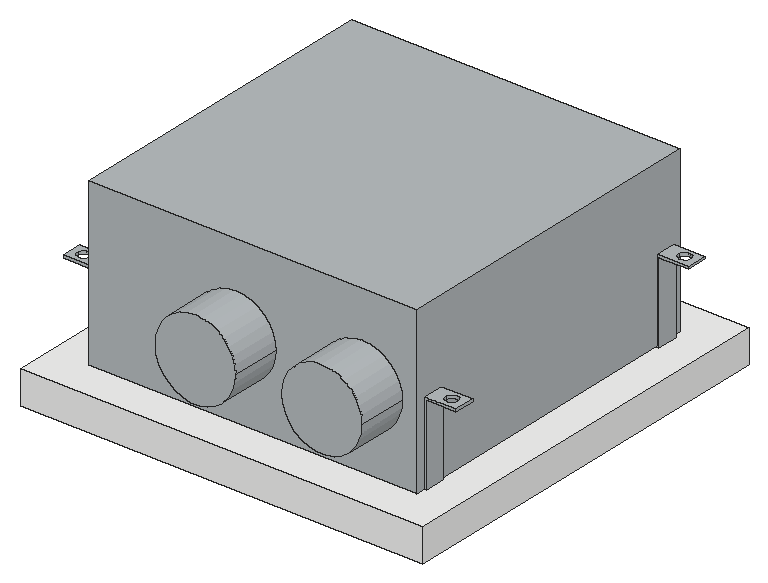
Revit family "v-122bz5_50Hz", category 機械設備, Revit 2019
Family settings
  丸型コネクタ寸法 = 直径を使用
  パーツ タイプ = 標準
  OmniClass 番号 = 23.75.35.17.27
  OmniClass タイトル = Centrifugal Fans
  作業面ベース = いいえ
  常に垂直 = はい
  ロード時にボイドで切り取り = いいえ
  共有 = いいえ
  部屋計算ポイント = はい
Parameters (values of type "V-122BZ5")
  騒音レベル(dB(A)) [instance] = 41
  風量 [instance] = 200.0 m³/h
  電源種別 [instance] = ""
  電圧 = 100 V
  電動機出力 = 0 W
  電動機_種別 [instance] = ""
  運転質量 = 0.00 kg
  連動 [instance] = ""
  質量 = if(製品質量 > 運転質量, 製品質量, 運転質量) * 1.2  # 12.00 kg
  負荷分類 = 3_ファン類
  説明 = "バス乾燥・暖房・換気システム 従来タイプ取替専用"
  設計風量 [instance] = 0.0 m³/h
  設置方法 = "カセット形"
  記号 [instance] = ""
  製造元 = "三菱電機株式会社"
  製品質量 = 10.00 kg
  製品出荷対象 = "国内"
  製品リリース年月 = "2022年6月1日"
  製品グループ = ""
  系統 [instance] = ""
  符号 [instance] = if(☑給気／□排気, "FS", "FE")  # "FE"
  積算_科目 = "2 換気設備"
  積算_拾い区分 [instance] = ""
  相 = 1
  盤記号 [instance] = ""
  発停方法 [instance] = ""
  特殊仕様 [instance] = ""
  点検口離隔 = 150 mm
  点検口_Depth = 450 mm
  点検口 = yes
  火災停止 [instance] = ""
  消費電力 = 1225 W
  法定耐用年数 = "10"
  機外静圧 [instance] = 0.0 Pa
  極数 = 2
  材質 [instance] = ""
  操作・制御方式 = ""
  操作・制御スイッチ = ""
  排気量 [instance] = if(☑給気／□排気, 0.0 m³/h, 設計風量)  # 0.0 m³/h
  形式 = ""
  幹線記号 [instance] = ""
  対象室 [instance] = ""
  実風量 [instance] = 0.0 m³/h
  始動方式 [instance] = "直入"
  天吊金具ピッチ2 = 354 mm
  天吊金具ピッチ1 = 448 mm
  天吊金具_高さ = 98 mm
  天吊金具_径 = 15 mm
  外気量 [instance] = if(☑給気／□排気, 設計風量, 0.0 m³/h)  # 0.0 m³/h
  呼称 = "天井扇"
  周波数 = 50 Hz
  参照している仕様書等のバージョン = ""
  分類コード = "50052503100080"
  分類グループ = ""
  価格 = 124600
  企業コード = "108420"
  付属品_防振装置 = ""
  付属品 [instance] = ""
  仕様書バージョン = "Version1.0"
  モデル = "V-122BZ5"
  マテリアル = 亜鉛メッキ鋼板
  ファンの種類 = ""
  ダクト径 = 100 mm
  コメント [instance] = ""
  Keynote = ""
  カバーマテリアル = 合成樹脂(白)
  ☑給気／□排気 [instance] = no
  Width = 400 mm
  W1 = 490 mm
  Version = ""
  Uniclass2015Version = "Systems v1.9"
  Uniclass2015Title = "Centrifugal fans"
  Uniclass2015Code = "Pr_65_67_29_12"
  URL = "https://www.mitsubishielectric.co.jp/ldg/wink/ssl/displayProduct.do?pid=320624"
  SpecificationReference = ""
  SpecificationDescription = ""
  Revision = ""
  RAダクト接続口_A = yes
  RAダクト接続口_B = no
  RAダクト接続口_C = no
  RAサイズ_D = 97.5 mm
  ProductInformation = ""
  OmniClassCode = "23-33 31 19 11 15"
  MIN風量 = 120.0 m³/h
  MIN静圧 = 0.0 Pa
  MID風量 = 0.0 m³/h
  MID静圧 = 0.0 Pa
  MAX風量 = 200.0 m³/h
  MAX静圧 = 0.0 Pa
  IfcTypeProduct = ""
  IfcProduct = ""
  IfcExportType = "PROPELLORAXIAL"
  IfcExportAs = "IfcFanType"
  Height = 200 mm
  H1 = 40 mm
  EAサイズ_D = 97.5 mm
  Duct_RA_W3 = 21 mm
  Duct_RA_W2 = 75.5 mm
  Duct_H = 95 mm
  Duct_RA_W1 = 21 mm
  Duct_EA_W = 133 mm
  Duct_Depth = 61 mm
  Depth = 400 mm
  D1 = 495 mm
  Author = "三菱電機株式会社"
Reference planes
  plane 1 "中心(正面/背面)": y = 0
  plane 2: z = 0
  plane 3 "中心(左/右)": x = 0
  plane 4: x = -245
  plane 5: x = 245
  plane 6: y = 247.5
  plane 7: y = -247.5
  plane 8: x = -200
  plane 9: x = 200
  plane 10: y = 200
  plane 11: y = -200
  plane 12: y = -261
  plane 13: z = 200
  plane 14: z = -40
  plane 15: z = 95
  plane 16: x = -224
  plane 17: x = 224
  plane 18: y = 177
  plane 19: y = -177
  plane 20: x = 133
  plane 21: x = -21
  plane 22: x = 261
  plane 23: x = -350
  plane 24: x = -800
  plane 25: y = 225
  plane 26: y = -225
  plane 27: x = -203
  plane 28: x = 203
  plane 29: z = 101
  plane 30: z = 98
  plane 31: x = 75.5
  plane 32: y = 261
  plane 33: y = 21
Forms (mm)
  Extrusion 1, solid, material "亜鉛メッキ鋼板" <- "マテリアル", detail levels fine
    sketch origin (0, 0, 0) x (1, 0, 0) y (0, 1, 0)
      loop
        line (-200, 200) -> (-200, -200) -> (200, -200) -> (200, 200) -> (-200, 200)
    from 0 to 200
  Extrusion 2, solid, material "合成樹脂(白)" <- "カバーマテリアル", detail levels fine
    sketch origin (0, 0, 0) x (1, 0, 0) y (0, 1, 0)
      loop
        line (-245, 247.5) -> (-245, -247.5) -> (245, -247.5) -> (245, 247.5) -> (-245, 247.5)
    from 0 to -40
  Extrusion 3, solid, material "亜鉛メッキ鋼板" <- "マテリアル", detail levels fine
    sketch origin (0, 0, 0) x (1, 0, 0) y (0, 0, 1)
      loop
        circle (133, 95) r 48.75
    from 200 to 261
  Extrusion 4, solid, material "亜鉛メッキ鋼板" <- "マテリアル", visible <- "RAダクト接続口_A", detail levels fine
    sketch origin (0, 0, 0) x (1, 0, 0) y (0, 0, 1)
      loop
        circle (-21, 95) r 48.75
    from 200 to 261
  Extrusion 5, solid, material "亜鉛メッキ鋼板" <- "マテリアル", visible <- "RAダクト接続口_C", detail levels fine
    sketch origin (0, 0, 0) x (0, 1, 0) y (0, 0, 1)
      loop
        circle (21, 95) r 48.75
    from 200 to 261
  Extrusion 6, solid, material "亜鉛メッキ鋼板" <- "マテリアル", detail levels fine
    sketch origin (0, 0, 0) x (1, 0, 0) y (0, 1, 0)
      loop
        line (-200, -164.5) -> (-239, -164.5) -> (-239, -189.5) -> (-200, -189.5) -> (-200, -164.5)
      loop
        circle (-224, -177) r 7.5
      loop
        line (-200, 189.5) -> (-239, 189.5) -> (-239, 164.5) -> (-200, 164.5) -> (-200, 189.5)
      loop
        line (200, -164.5) -> (200, -189.5) -> (239, -189.5) -> (239, -164.5) -> (200, -164.5)
      loop
        line (200, 189.5) -> (200, 164.5) -> (239, 164.5) -> (239, 189.5) -> (200, 189.5)
      loop
        circle (-224, 177) r 7.5
      loop
        circle (224, 177) r 7.5
      loop
        circle (224, -177) r 7.5
    from 98 to 101
  Extrusion 7, solid, material "亜鉛メッキ鋼板" <- "マテリアル", detail levels fine
    sketch origin (0, 0, 0) x (1, 0, 0) y (0, 1, 0)
      loop
        line (-203, -164.5) -> (-203, -189.5) -> (-200, -189.5) -> (-200, -164.5) -> (-203, -164.5)
      loop
        line (-203, 189.5) -> (-203, 164.5) -> (-200, 164.5) -> (-200, 189.5) -> (-203, 189.5)
      loop
        line (203, 189.5) -> (200, 189.5) -> (200, 164.5) -> (203, 164.5) -> (203, 189.5)
      loop
        line (203, -164.5) -> (200, -164.5) -> (200, -189.5) -> (203, -189.5) -> (203, -164.5)
    from 0 to 101
  Extrusion 8, solid, material "亜鉛メッキ鋼板" <- "マテリアル", visible <- "RAダクト接続口_B", detail levels fine
    sketch origin (0, 0, 0) x (1, 0, 0) y (0, 0, 1)
      loop
        circle (75.5, 95) r 48.75
    from -261 to -200
Cuts and joins
  joined: Extrusion 6, Extrusion 7
Dimensions and locks
  equal spacing: plane 4, plane 3 "中心(左/右)", plane 5
  "W1": plane 4 to plane 5
  equal spacing: plane 6, plane 1 "中心(正面/背面)", plane 7
  "D1": plane 6 to plane 7
  equal spacing: plane 8, plane 3 "中心(左/右)", plane 9
  "Width": plane 8 to plane 9
  equal spacing: plane 10, plane 1 "中心(正面/背面)", plane 11
  "Depth": plane 10 to plane 11
  "Duct_Depth": plane 11 to plane 12
  "Height": plane 13 to plane 2
  "Duct_H": plane 15 to plane 2
  equal spacing: plane 16, plane 3 "中心(左/右)", plane 17
  "天吊金具ピッチ1": plane 16 to plane 17
  equal spacing: plane 18, plane 1 "中心(正面/背面)", plane 19
  "天吊金具ピッチ2": plane 18 to plane 19
  "H1": plane 2 to plane 14
  "Duct_EA_W": plane 20 to plane 3 "中心(左/右)"
  "Duct_RA_W1": plane 21 to plane 3 "中心(左/右)"
  "Duct_Depth": plane 9 to plane 22
  "点検口_Depth": plane 25 to plane 26
  equal spacing: plane 25, plane 1 "中心(正面/背面)", plane 26
  "点検口_Depth": plane 24 to plane 23
  "点検口離隔": plane 23 to plane 8
  Extrusion 6 sketch curve to Extrusion 6 sketch curve = 25 mm  (x4)
  equal spacing: Extrusion 6 sketch curve, plane 19, Extrusion 6 sketch curve  (x2)
  Extrusion 6 sketch curve to plane 16 = 15 mm  (x2)
  equal spacing: Extrusion 6 sketch curve, plane 18, Extrusion 6 sketch curve  (x2)
  plane 17 to Extrusion 6 sketch curve = 15 mm  (x2)
  plane 9 to plane 28 = 3 mm
  plane 27 to plane 8 = 3 mm
  plane 29 to plane 30 = 3 mm
  "Duct_RA_W2": plane 3 "中心(左/右)" to plane 31
  "Duct_Depth": plane 10 to plane 32
  "Duct_RA_W3": plane 1 "中心(正面/背面)" to plane 33
  "天吊金具_高さ": plane 30 to plane 2
  "RAサイズ_D": diameter of Extrusion 4 sketch curve
  "天吊金具_径": diameter of Extrusion 6 sketch curve  (x4)
  "EAサイズ_D": diameter of Extrusion 3 sketch curve
  "RAサイズ_D": diameter of Extrusion 8 sketch curve
  "RAサイズ_D": diameter of Extrusion 5 sketch curve
  aligned and locked: level to plane 2
  aligned and locked: plane 5 to Extrusion 2
  aligned and locked: plane 6 to Extrusion 2
  aligned and locked: Extrusion 2 to plane 4
  aligned and locked: Extrusion 2 to plane 7
  aligned and locked: plane 9 to Extrusion 1
  aligned and locked: Extrusion 1 to plane 11
  aligned and locked: Extrusion 1 to plane 8
  aligned and locked: plane 10 to Extrusion 1
  aligned and locked: plane 13 to Extrusion 1
  aligned and locked: Extrusion 2 to plane 14
  aligned and locked: level to Extrusion 2
  aligned and locked: Extrusion 1 to level
  aligned and locked: Extrusion 3 to plane 12
  aligned and locked: plane 11 to Extrusion 3
  aligned and locked: nested 2 to plane 16
  aligned and locked: nested 2 to plane 17
  aligned and locked: nested 2 to plane 19
  aligned and locked: nested 2 to plane 18
  aligned and locked: Extrusion 4 to plane 12
  aligned and locked: plane 11 to Extrusion 4
  aligned and locked: plane 22 to Extrusion 5
  aligned and locked: Extrusion 5 to plane 9
  aligned and locked: plane 23 to nested 3
  aligned and locked: plane 24 to nested 3
  aligned and locked: plane 26 to nested 3
  aligned and locked: plane 25 to nested 3
  aligned and locked: plane 8 to Extrusion 6 sketch curve
  aligned and locked: plane 9 to Extrusion 6 sketch curve  (x2)
  aligned and locked: Extrusion 7 sketch curve to Extrusion 6  (x10)
  aligned and locked: plane 27 to Extrusion 7 sketch curve  (x2)
  aligned and locked: Extrusion 6 to Extrusion 7 sketch curve  (x2)
  aligned and locked: plane 28 to Extrusion 7 sketch curve  (x2)
  aligned and locked: plane 29 to Extrusion 6
  aligned and locked: Extrusion 6 to plane 30
  aligned and locked: plane 29 to Extrusion 7
  aligned and locked: Extrusion 7 to plane 2
  aligned and locked: Extrusion 8 to plane 32
  aligned and locked: Extrusion 8 to plane 10
Automatic sketch dimensions
  Extrusion 4 sketch curve to plane 15 = 0 mm
  plane 21 to Extrusion 4 sketch curve = 0 mm
  Extrusion 1 sketch curve to plane 8 = 0 mm
  Extrusion 1 sketch curve to plane 9 = 0 mm
  Extrusion 1 sketch curve to plane 11 = 0 mm
  Extrusion 1 sketch curve to plane 10 = 0 mm
  Extrusion 2 sketch curve to plane 4 = 0 mm
  Extrusion 2 sketch curve to plane 5 = 0 mm
  Extrusion 2 sketch curve to plane 7 = 0 mm
  Extrusion 2 sketch curve to plane 6 = 0 mm
  Extrusion 6 sketch curve to plane 16 = 0 mm  (x2)
  Extrusion 6 sketch curve to plane 8 = 0 mm
  Extrusion 6 sketch curve to plane 17 = 0 mm  (x2)
  Extrusion 6 sketch curve to plane 19 = 0 mm  (x2)
  Extrusion 6 sketch curve to plane 18 = 0 mm  (x2)
  Extrusion 3 sketch curve to plane 15 = 0 mm
  Extrusion 3 sketch curve to plane 20 = 0 mm
  Extrusion 8 sketch curve to plane 15 = 0 mm
  plane 31 to Extrusion 8 sketch curve = 0 mm
  Extrusion 5 sketch curve to plane 15 = 0 mm
  Extrusion 5 sketch curve to plane 33 = 0 mm
Nested families
  nested 1: "記号_天井換気扇_平面" at (0, 0, 0), type "記号_天井換気扇_平面", detail levels coarse+medium
  nested 2: "固定点" at (-224, -177, 0), type "固定点"
    with W 448 mm, D 354 mm
  nested 3: "点検口設置範囲" at (-575, 0, 0), visible <- "点検口", type "点検口設置範囲"
    with Width 450 mm, Depth 450 mm
Connectors
  hvac at (133, -261, 95), driven by "ダクト径", driven by "風量", driven by "機外静圧"
    settings: on Extrusion 3, index 1, duct flow 200.0 m³/h, flow factor 0, pres drop 0.0 Pa, loss coef 0, conn angle 0.00°, conn width 304.8 mm, conn height 304.8 mm, conn diameter 100 mm, duct sys type 3, conn prof type 0, flow config 0, flow direction 2, loss method 4, conn ref index -1, conn util no, is conn primary yes, conn desc ""
  hvac at (-21, -261, 95), driven by "ダクト径", driven by "機外静圧", driven by "風量"
    settings: on Extrusion 4, index 3, duct flow 200.0 m³/h, flow factor 0, pres drop 0.0 Pa, loss coef 0, conn angle 0.00°, conn width 304.8 mm, conn height 304.8 mm, conn diameter 100 mm, duct sys type 2, conn prof type 0, flow config 0, flow direction 1, loss method 4, conn ref index -1, conn util no, is conn primary no, conn desc ""
  hvac at (261, 21, 95), driven by "ダクト径", driven by "機外静圧", driven by "風量"
    settings: on Extrusion 5, index 4, duct flow 200.0 m³/h, flow factor 0, pres drop 0.0 Pa, loss coef 0, conn angle 0.00°, conn width 304.8 mm, conn height 304.8 mm, conn diameter 100 mm, duct sys type 2, conn prof type 0, flow config 0, flow direction 1, loss method 4, conn ref index -1, conn util no, is conn primary no, conn desc ""
  electrical at (0, 0, 200), driven by "極数", driven by "負荷分類", driven by "電圧", driven by "消費電力"
    settings: on Extrusion 1, index 6, voltage 100 V, apparent load 1225 VA, apparent load phase1 0 VA, apparent load phase2 0 VA, apparent load phase3 0 VA, power factor 1, load classification "3_ファン類", number of poles 2, system type 30, power factor state 1, is connector primary yes, connector utility no, sub classification motor no, connector description ""
  hvac at (75.5, 261, 95), driven by "ダクト径", driven by "機外静圧", driven by "風量"
    settings: on Extrusion 8, index 7, duct flow 200.0 m³/h, flow factor 0, pres drop 0.0 Pa, loss coef 0, conn angle 0.00°, conn width 304.8 mm, conn height 304.8 mm, conn diameter 100 mm, duct sys type 2, conn prof type 0, flow config 0, flow direction 1, loss method 4, conn ref index -1, conn util no, is conn primary no, conn desc ""
Definition of nested family "記号_天井換気扇_平面"
  Reference planes
    plane 1: y = 0
    plane 2: x = 0
  Lines and regions (mm)
    detail lines
      curve 1: line (-2.5, 2.5, 0) -> (2.5, 2.5, 0)
      curve 2: line (-2.5, -2.5, 0) -> (-2.5, 2.5, 0)
      curve 3: line (2.5, -2.5, 0) -> (-2.5, -2.5, 0)
      curve 4: line (2.5, 2.5, 0) -> (2.5, -2.5, 0)
      curve 5: circle (-1.04, -1.04, 0) r 1.46 normal (0, 0, 1)
      curve 6: circle (1.04, 1.04, 0) r 1.46 normal (0, 0, 1)
      curve 7: line (-3.125, 3.125, 0) -> (3.125, 3.125, 0)
      curve 8: line (-3.125, -3.125, 0) -> (-3.125, 3.125, 0)
      curve 9: line (3.125, -3.125, 0) -> (-3.125, -3.125, 0)
      curve 10: line (3.125, 3.125, 0) -> (3.125, -3.125, 0)
      curve 11: circle (1.295, 1.295, 0) r 1.83 normal (0, 0, 1)
      curve 12: circle (-1.295, -1.295, 0) r 1.83 normal (0, 0, 1)
      curve 13: line (-2, 2, 0) -> (2, 2, 0)
      curve 14: line (-2, -2, 0) -> (-2, 2, 0)
      curve 15: line (2, -2, 0) -> (-2, -2, 0)
      curve 16: line (2, 2, 0) -> (2, -2, 0)
      curve 17: circle (0.84, 0.84, 0) r 1.16 normal (0, 0, 1)
      curve 18: circle (-0.84, -0.84, 0) r 1.2 normal (0, 0, 1)
Definition of nested family "固定点"
  Parameters (values of type "固定点")
    中心円 = 20 mm
    W [instance] = 1000 mm
    D [instance] = 1000 mm
  Reference planes
    plane 1 "中心(正面/背面)": y = 0
    plane 2: z = 0
    plane 3 "中心(左/右)": x = 0
    plane 4: x = 1000
    plane 5: y = 1000
  Lines and regions (mm)
    symbolic lines, detail levels fine
      curve 1: circle (0, 1000, 0) r 10 normal (0, 0, 1)
      curve 2: circle (0, 0, 0) r 10 normal (0, 0, 1)
      curve 3: circle (1000, 1000, 0) r 10 normal (0, 0, 1)
      curve 4: circle (1000, 0, 0) r 10 normal (0, 0, 1)
      curve 5: line (-200, 1000, 0) -> (1200, 1000, 0)
      curve 6: line (-200, 0, 0) -> (1200, 0, 0)
      curve 7: line (0, 1200, 0) -> (0, -200, 0)
      curve 8: line (1000, 1200, 0) -> (1000, -200, 0)
  Dimensions and locks
    "W": plane 3 "中心(左/右)" to plane 4
    "D": plane 1 "中心(正面/背面)" to plane 5
    "中心円": diameter of curve 1
    "中心円": diameter of curve 2
    "中心円": diameter of curve 3
    "中心円": diameter of curve 4
    aligned and locked: level to plane 2
    aligned and locked: plane 5 to curve 1
    aligned and locked: plane 3 "中心(左/右)" to curve 1
    aligned and locked: plane 3 "中心(左/右)" to curve 2
    aligned and locked: plane 1 "中心(正面/背面)" to curve 2
    aligned and locked: plane 4 to curve 3
    aligned and locked: plane 5 to curve 3
    aligned and locked: plane 1 "中心(正面/背面)" to curve 4
    aligned and locked: plane 4 to curve 4
    aligned and locked: plane 1 "中心(正面/背面)" to curve 6
    aligned and locked: curve 7 to plane 3 "中心(左/右)"
    aligned and locked: curve 8 to plane 4
  Automatic sketch dimensions
    curve 5 to plane 5 = 0 mm
    curve 6 to plane 3 "中心(左/右)" = 200 mm
    curve 5 to plane 3 "中心(左/右)" = 200 mm
    curve 4 to curve 6 = 200 mm
    curve 3 to curve 5 = 200 mm
    plane 1 "中心(正面/背面)" to curve 8 = 200 mm
    plane 1 "中心(正面/背面)" to curve 7 = 200 mm
    curve 3 to curve 8 = 200 mm
    curve 1 to curve 7 = 200 mm
Definition of nested family "点検口設置範囲"
  Parameters (values of type "点検口設置範囲")
    Width [instance] = 1000 mm
    Depth [instance] = 700 mm
  Reference planes
    plane 1 "中心(正面/背面)": y = 0
    plane 2: z = 0
    plane 3 "中心(左/右)": x = 0
    plane 4: x = -500
    plane 5: x = 500
    plane 6: y = -350
    plane 7: y = 350
  Lines and regions (mm)
    model lines
      curve 1: line (-500, 350, 0) -> (500, 350, 0)
      curve 2: line (-500, -350, 0) -> (-500, 350, 0)
      curve 3: line (500, -350, 0) -> (-500, -350, 0)
      curve 4: line (500, 350, 0) -> (500, -350, 0)
  Dimensions and locks
    "Depth": plane 7 to plane 6
    "Width": plane 4 to plane 5
    equal spacing: plane 7, plane 1 "中心(正面/背面)", plane 6
    equal spacing: plane 4, plane 3 "中心(左/右)", plane 5
    aligned and locked: level to plane 2
    aligned and locked: plane 4 to curve 2
    aligned and locked: curve 1 to plane 7
    aligned and locked: curve 4 to plane 5
    aligned and locked: plane 6 to curve 3
